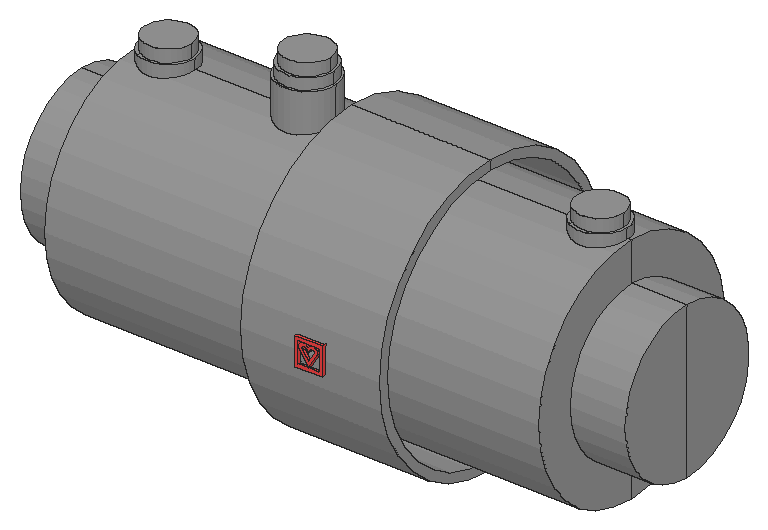
Revit family "Клапан предотвращения обратного потока 0307, наружная резьба х наружная резьба", category Rohrzubehör, Revit 2018
Family settings
  Bemaßung runder Anschluss = Durchmesser verwenden
  Teiletyp = Unterbricht
  OmniClass-Nummer = 23.65.55.14
  OmniClass-Titel = Valves for Liquid Services
  Arbeitsebenenbasiert = Nein
  Immer vertikal = Ja
  Beim Laden mit Abzugskörper schneiden = Nein
  Gemeinsam genutzt = Nein
Parameters (values of type "наружная резьба х наружная резьба DN50-DN50")
  Среда = "вода (не пар)"
  Примечание = "В соответствии со статьей 33 Регламента REACH (Registration; Evaluation; Authorisation; Restriction of Chemicals) (EC № 1907/2006) мы обязаны указать, что свинец внесен в список SVHC (Substances of Very High Concern - вещества очень высокой важности) и весовой процент свинца во всех латунных компонентах заводского изготовления в наших изделиях, превышает 0,1 % (w/w) (CAS: 7439-92-1 / EINECS: 231-100-4).\r\nПоскольку свинец является легирующим компонентом сплава, прямое негативное влияние исключается, и поэтому дополнительной информации о безопасном использовании не требуется."
  Область применения = "Клапан предотвращения обратного потока является экономически выгодным решением по дооснащению гидрантов арматурой, в соответствии с предписаниями DIN EN 1717, предотвращающей подсасывание непитьевой воды обратно в трубопровод питьевого водоснабжения.\r\nКлапан предотвращения обратного потока предназначается для установки в горизонтальном положении.\r\nДопускается также его вертикальное положение, но обязательно по направлению движения потока сверху вниз.\r\nКлапан не предусмотрен для установки на стояковых нагнетательных трубопроводах."
  Макс. рабочее давление = 1000000.0 Pa  # constant formula
  Макс. рабочая температура = 65 °C  # constant formula
  Корпус = "нержавеющая сталь"  # constant formula
  Исполнение = "Клапан предотвращения обратного потока ВА разработан согласно требованиям нормы DIN EN 1717.\r\nСогласно этой нормы качество воды, в зависимости от степени загрязнения, разделяется на 5 категорий.\r\nКлапан предотвращения обратного потока типа ВА обеспечивает защиту от непитьевой воды до 4 категории, - это самый высокий класс защиты, который может обеспечить арматура.\r\nБолее низкий уровень защиты, чем тот, что обеспечивается клапаном предотвращения обратного потока, не является стандартом и в случае аварии ответственность несёт потребитель такого гидранта.\r\nФункциональный узел представляет собой картридж с золотником больших размеров и защищающего от гидравлического удара спускного клапана.\r\nРезьбы соединения между собой взаимозаменяемы, при этом возможны 16 вариантов подключения (входная и выходная стороны могут быть с внутренней или наружной резьбой  1 1/2\" , как альтернатива,  с внутренней или наружной резьбой 2\")."
  URL = "www.herz-armaturen.ru"
  SCTWSEQ = "AW;SBT_TYP_AW=\"104\";2"
  SCTWCODE = "04;12;02"  # constant formula
  S03 = 15.000 mm  # constant formula
  S02 = 45.000 mm  # constant formula
  S01 = 98.000 mm  # constant formula
  Nennweite Ein [instance] = if(AG_AG_DN40_DN40, 40.000 mm, if(AG_AG_DN40_DN50, 40.000 mm, if(AG_AG_DN50_DN40, 50.000 mm, if(AG_AG_DN50_DN50, 50.000 mm, 0.000 mm))))  # 50.000 mm
  Nennweite Aus [instance] = if(AG_AG_DN40_DN40, 40.000 mm, if(AG_AG_DN40_DN50, 50.000 mm, if(AG_AG_DN50_DN40, 40.000 mm, if(AG_AG_DN50_DN50, 50.000 mm, 0.000 mm))))  # 50.000 mm
  Макс. допустимая рабочая температура (кратковременно) = 80 °C  # constant formula
  L05 = 73.000 mm  # constant formula
  L04 = 28.000 mm  # constant formula
  L03 = 87.500 mm  # constant formula
  L02 = 18.000 mm  # constant formula
  L01 = 196.000 mm  # constant formula
  Hersteller = "HERZ Armaturen Ges.m.b.H."  # constant formula
  Положение при монтаже = "горизонтально или вертикально, с направлением потока сверху вниз"  # constant formula
  D02 = 45.000 mm  # constant formula
  D01 = 37.500 mm  # constant formula
  Номер заказа [instance] = if(AG_AG_DN40_DN40, "I030703", if(AG_AG_DN40_DN50, "I030711", if(AG_AG_DN50_DN40, "I030715", if(AG_AG_DN50_DN50, "I030707", "0"))))  # "I030707"
  AG_AG_DN50_DN50 = yes
  AG_AG_DN50_DN40 = no
  AG_AG_DN40_DN50 = no
  AG_AG_DN40_DN40 = no
  AG Aus [instance] = Nennweite Aus / 2  # 25.000 mm
  AG Ein [instance] = Nennweite Ein / 2  # 25.000 mm
Types (5, lengths in mm): name | Nennweite Ein | Nennweite Aus | Номер заказа | AG_AG_DN50_DN50 | AG_AG_DN50_DN40 | AG_AG_DN40_DN50 | AG_AG_DN40_DN40 | AG Aus | AG Ein
  (no name) | 50.000 | 50.000 | "I030707" | yes | no | no | no | 25.000 | 25.000
  наружная резьба х наружная резьба DN40-DN50 | 40.000 | 50.000 | "I030711" | no | no | yes | no | 25.000 | 20.000
  наружная резьба х наружная резьба DN40-DN40 | 40.000 | 40.000 | "I030703" | no | no | no | yes | 20.000 | 20.000
  наружная резьба х наружная резьба DN50-DN50 | 50.000 | 50.000 | "I030707" | yes | no | no | no | 25.000 | 25.000
  наружная резьба х наружная резьба DN50-DN40 | 50.000 | 40.000 | "I030715" | no | yes | no | no | 20.000 | 25.000
Reference planes
  plane 1 "Mitte (Vorne/hinten)": y = 0
  plane 2: z = 0
  plane 3 "Mitte (Links/rechts)": x = 0
Forms (mm)
  Revolve 1, solid, material "Messing, weicher Gelbton, geschweißt", detail levels fine
    sketch origin (0, 0, 0) x (1, 0, 0) y (0, 0, 1)
      loop
        line (-98, 0) -> (98, 0) -> (98, 25) -> (80, 25) -> (80, 37.5) -> (-80, 37.5) -> (-80, 25) -> (-98, 25) -> (-98, 0)
      axis (-98, 0) -> (98, 0)
    angle from 0 to 360
  Revolve 2, solid, material "Acetalharz, Schwarz", detail levels fine
    sketch origin (0, 0, 0) x (1, 0, 0) y (0, 0, 1)
      loop
        line (-10.5, 0) -> (1.5, 0) -> (1.5, 42) -> (34.5, 42) -> (34.5, 45) -> (-10.5, 45) -> (-10.5, 0)
      axis (-10.5, 0) -> (34.5, 0)
    angle from 0 to 360
  Extrusion 3, solid, material "Messing, weicher Gelbton, geschweißt", detail levels fine
    sketch origin (0, 0, 0) x (1, 0, 0) y (0, 1, 0)
      loop
        circle (-70, 0) r 8.5
      loop
        circle (70, 0) r 8.5
    from 0 to 40.5
  Extrusion 4, solid, material "Acetalharz, Schwarz", detail levels fine
    sketch origin (0, 0, 0) x (1, 0, 0) y (0, 1, 0)
      loop
        circle (-70, 0) r 7.5
      loop
        circle (70, 0) r 7.5
    from 40.5 to 44.5
  Extrusion 5, solid, material "Messing, weicher Gelbton, geschweißt", detail levels fine
    sketch origin (0, 0, 0) x (1, 0, 0) y (0, 1, 0)
      loop
        circle (-25, 0) r 9.3
    from 0 to 49
  Extrusion 6, solid, material "Messing, weicher Gelbton, geschweißt", detail levels fine
    sketch origin (0, 0, 0) x (1, 0, 0) y (0, 1, 0)
      loop
        circle (-25, 0) r 8.5
    from 49 to 52.5
  Extrusion 7, solid, material "Acetalharz, Schwarz", visible <- "AG_AG_DN40_DN50", detail levels fine
    sketch origin (0, 0, 0) x (1, 0, 0) y (0, 1, 0)
      loop
        circle (-25, 0) r 7.5
    from 52.5 to 56.5
  Extrusion 8, solid, material "Acetalharz, Schwarz", visible <- "AG_AG_DN40_DN40", detail levels fine
    sketch origin (0, 0, 0) x (1, 0, 0) y (0, 1, 0)
      loop
        circle (-25, 0) r 7.5
    from 52.5 to 56.4
  Extrusion 9, solid, material "Acetalharz, Schwarz", visible <- "AG_AG_DN50_DN50", detail levels fine
    sketch origin (0, 0, 0) x (1, 0, 0) y (0, 1, 0)
      loop
        circle (-25, 0) r 7.5
    from 52.5 to 56.3
  Extrusion 10, solid, material "Acetalharz, Schwarz", visible <- "AG_AG_DN50_DN40", detail levels fine
    sketch origin (0, 0, 0) x (1, 0, 0) y (0, 1, 0)
      loop
        circle (-25, 0) r 7.5
    from 52.5 to 56.2
Lines and regions (mm)
  model lines, detail levels coarse+medium
    curve 1: line (-98, 0, 37.5) -> (98, 0, 37.5)
    curve 2: line (-98, 0, -37.5) -> (-98, 0, 37.5)
    curve 3: line (98, 0, -37.5) -> (-98, 0, -37.5)
    curve 4: line (98, 0, 37.5) -> (98, 0, -37.5)
    curve 5: line (-98, 0, -22.5) -> (-53, 0, -22.5)
    curve 6: line (0, 0, -22.5) -> (98, 0, -22.5)
    curve 7: line (-98, 0, 22.5) -> (-53, 0, 22.5)
    curve 8: line (0, 0, 22.5) -> (98, 0, 22.5)
    curve 9: line (-98, 37.5, 0) -> (98, 37.5, 0)
    curve 10: line (-98, -37.5, 0) -> (-98, 37.5, 0)
    curve 11: line (98, -37.5, 0) -> (-98, -37.5, 0)
    curve 12: line (98, 37.5, 0) -> (98, -37.5, 0)
    curve 13: line (-98, 22.5, 0) -> (-53, 22.5, 0)
    curve 14: line (0, 22.5, 0) -> (98, 22.5, 0)
    curve 15: line (-98, -22.5, 0) -> (-53, -22.5, 0)
    curve 16: line (0, -22.5, 0) -> (98, -22.5, 0)
Dimensions and locks
  "L02": Revolve 1 sketch curve to Revolve 1 sketch curve  (x2)
  "L01": Revolve 1 sketch curve to Revolve 1 sketch curve
  equal spacing: Revolve 1 sketch curve, plane 3 "Mitte (Links/rechts)", Revolve 1 sketch curve
  "AG Ein": Revolve 1 sketch curve to plane 2
  "AG Aus": Revolve 1 sketch curve to plane 2
  "D01": Revolve 1 sketch curve to plane 2
  "L03": Revolve 1 to Revolve 2 sketch curve
  equal spacing: curve 4, plane 3 "Mitte (Links/rechts)", curve 2
  "L01": curve 4 to curve 2
  "D01": curve 1 to plane 2 to curve 3
  "S03": curve 5 to curve 3
  "S03": curve 1 to curve 7
  "S03": curve 1 to curve 8
  "S03": curve 6 to curve 3
  "S02": curve 5 to curve 2
  "S02": curve 7 to curve 2
  "S01": curve 8 to curve 4
  "S01": curve 6 to curve 4
  equal spacing: curve 10, plane 3 "Mitte (Links/rechts)", curve 12
  "L01": curve 10 to curve 12
  "D01": curve 11 to plane 1 "Mitte (Vorne/hinten)" to curve 9
  "S03": curve 13 to curve 9
  "S03": curve 11 to curve 15
  "S03": curve 14 to curve 9
  "S03": curve 11 to curve 16
  "S01": curve 14 to curve 12
  "S01": curve 16 to curve 12
  "S02": curve 10 to curve 15
  "S02": curve 10 to curve 13
  "D02": Revolve 2 sketch curve to Revolve 2 sketch curve
  equal spacing: Revolve 2, nested 1, Revolve 2
  "D02": nested 1 to plane 1 "Mitte (Vorne/hinten)"
  "L04": Revolve 1 to Extrusion 3 sketch curve
  "L04": Extrusion 3 sketch curve to Revolve 1
  "L04": Extrusion 4 sketch curve to Revolve 1
  "L04": Revolve 1 to Extrusion 4 sketch curve
  "L05": Revolve 1 to Extrusion 5 sketch curve
  "L05": Revolve 1 to Extrusion 6 sketch curve
  "L05": Revolve 1 to Extrusion 10 sketch curve
  "L05": Revolve 1 to Extrusion 9 sketch curve
  "L05": Revolve 1 to Extrusion 8 sketch curve
  "L05": Revolve 1 to Extrusion 7 sketch curve
  aligned and locked: level to plane 2
Automatic sketch dimensions
  Revolve 1 sketch curve to level = 0.000 mm  (x2)
  Revolve 1 sketch curve to Revolve 1 sketch curve = 1408.530 mm
  Revolve 1 sketch curve to Revolve 1 sketch curve = 1741.148 mm
  Revolve 2 sketch curve to level = 0.000 mm  (x2)
  plane 3 "Mitte (Links/rechts)" to Revolve 2 sketch curve = 1.500 mm
  Revolve 2 sketch curve to Revolve 2 sketch curve = 33.000 mm
  Revolve 2 sketch curve to Revolve 2 sketch curve = 3.000 mm
  Revolve 2 sketch curve to Revolve 2 sketch curve = 1496.030 mm
  Revolve 2 sketch curve to Revolve 2 sketch curve = 1804.648 mm
  plane 1 "Mitte (Vorne/hinten)" to Extrusion 3 sketch curve = 0.000 mm  (x2)
  plane 1 "Mitte (Vorne/hinten)" to Extrusion 4 sketch curve = 0.000 mm  (x2)
  plane 1 "Mitte (Vorne/hinten)" to Extrusion 5 sketch curve = 0.000 mm
  plane 1 "Mitte (Vorne/hinten)" to Extrusion 6 sketch curve = 0.000 mm
  plane 1 "Mitte (Vorne/hinten)" to Extrusion 7 sketch curve = 0.000 mm
  plane 1 "Mitte (Vorne/hinten)" to Extrusion 8 sketch curve = 0.000 mm
  plane 1 "Mitte (Vorne/hinten)" to Extrusion 9 sketch curve = 0.000 mm
  plane 1 "Mitte (Vorne/hinten)" to Extrusion 10 sketch curve = 0.000 mm
  radius of Extrusion 3 sketch curve = 8.500 mm  (x2)
  radius of Extrusion 4 sketch curve = 7.500 mm  (x2)
  radius of Extrusion 5 sketch curve = 9.300 mm
  radius of Extrusion 6 sketch curve = 8.500 mm
  radius of Extrusion 7 sketch curve = 7.500 mm
  radius of Extrusion 8 sketch curve = 7.500 mm
  radius of Extrusion 9 sketch curve = 7.500 mm
  radius of Extrusion 10 sketch curve = 7.500 mm
Nested families
  nested 1: "Herz-Logo-vorne" at (12, -45, 0) x (0, 1, 0) z (0, 0, 1), type "Herz-Logo-vorne", detail levels fine
Connectors
  piping at (-98, 0, 0), diameter 50, driven by "Nennweite Ein"
    settings: on Revolve 1, index 2, connector inside diameter 609.6 mm, connector length 0.000 mm, flow factor 0, pipe flow 0.0 L/s, pressure drop 0.0 Pa, fitting loss kfactor 0, connector angle 0.00°, fixture units 0, engagement length 0.000 mm, angle of deflection 0.00°, flow configuration 0, flow direction 1, fitting loss method 0, system type 29, joint type 0, gender type 0, connector reference index -1, connector utility 0, adjustable connector no, is connector primary yes, connector description ""
  piping at (98, 0, 0), diameter 50, driven by "Nennweite Aus"
    settings: on Revolve 1, index 3, connector inside diameter 609.6 mm, connector length 0.000 mm, flow factor 0, pipe flow 0.0 L/s, pressure drop 0.0 Pa, fitting loss kfactor 0, connector angle 0.00°, fixture units 0, engagement length 0.000 mm, angle of deflection 0.00°, flow configuration 0, flow direction 2, fitting loss method 0, system type 29, joint type 0, gender type 0, connector reference index -1, connector utility 0, adjustable connector no, is connector primary no, connector description ""
Definition of nested family "Herz-Logo-vorne"
  Reference planes
    plane 1 "Mitte (Vorne/hinten)": y = 0
    plane 2: z = 0
    plane 3 "Mitte (Links/rechts)": x = 0
  Forms (mm)
    Extrusion 1, solid
      sketch origin (0.732, -0.018, 0.017) x (0, -1, 0) y (0, 0, 1)
        loop
          line (-0.018, -4.517) -> (4.482, -4.517) -> (4.482, 4.483) -> (-4.518, 4.483) -> (-4.518, -4.517) -> (-0.018, -4.517)
        loop
          line (-0.05, -3.48) -> (3.482, -3.48) -> (3.482, 3.483) -> (-3.518, 3.483) -> (-3.518, -3.48) -> (-0.05, -3.48)
        loop
          arc (-0.018, 2.383) -> (-1.543, 3.287) -> (-3.067, 2.383) r 1.738
          arc (-3.067, 2.383) -> (-3.191, 1.899) -> (-3.067, 1.415) r 1.009
          line (-3.067, 1.415) -> (-0.018, -3.281) -> (3.032, 1.415)
          arc (3.032, 1.415) -> (3.156, 1.899) -> (3.032, 2.383) r 1.009
          arc (3.032, 2.383) -> (1.507, 3.287) -> (-0.018, 2.383) r 1.738
        loop
          arc (1.885, 1.272) -> (2.005, 1.675) -> (1.885, 2.079) r 0.74
          arc (1.885, 2.079) -> (1.265, 2.416) -> (0.644, 2.079) r 0.74
          line (0.644, 2.079) -> (-0.018, 0.97) -> (-0.679, 2.079)
          arc (-0.679, 2.079) -> (-1.3, 2.416) -> (-1.921, 2.079) r 0.74
          arc (-1.921, 2.079) -> (-2.04, 1.675) -> (-1.921, 1.272) r 0.74
          line (-1.921, 1.272) -> (-0.018, -1.658) -> (1.885, 1.272)
      from 0 to 1.5
  Dimensions and locks
    aligned and locked: level to plane 2
